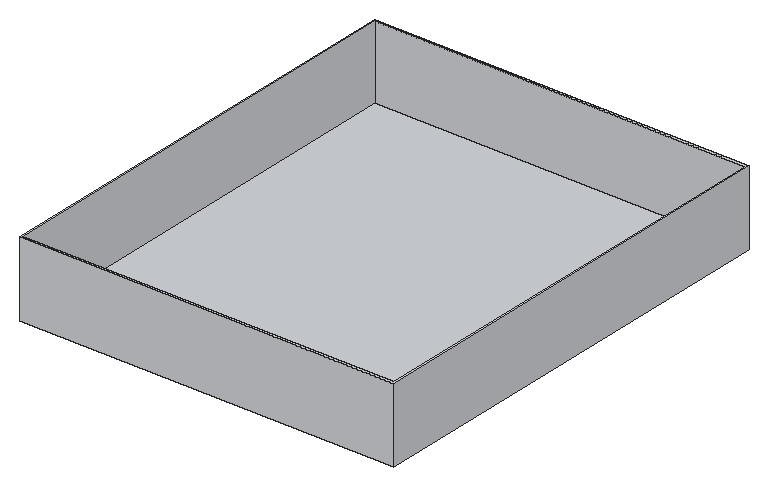
Revit family "Univers-IP30-leer-Aufputz-AT-de", category Electrical Equipment, host Face, Revit 2020
Family settings
  Host = Face
  Panel Configuration = Two Columns, Circuits Across
  Round Connector Dimension = Use Diameter
  Part Type = Panelboard
  Cut with Voids When Loaded = No
  Shared = No
  Room Calculation Point = No
Parameters (values of type "Aufputz IP30 B800 H950 T160 0 Teilungseinheiten - FWQ63D1")
  Width Control [instance] = if([HG000006 - Unterputz], if([EF000846 - Einbaubreite] > min_whd, [EF000846 - Einbaubreite], min_whd), if([EF000008 - Breite] > min_whd, ([EF000008 - Breite]), min_whd))  # 800 mm
  Void Depth [instance] = if([HG000006 - Unterputz], Depth Control, 1 mm)  # 1 mm
  Type Comments = [HG000003 - Bereich]  # "Univers"
  System Height [instance] = Height Control - 2 * [HG000005 - Dicke]  # 944 mm
  Model = [HG000004 - Herstellerreferenz]  # "FWQ63D1"
  HG000011 - Leere Reihen von unten = no
  HG000010 - Asymmetrische Türen = no
  HG000009 - Doppelflügeligen Tür = no
  HG000008 - Anzahl der leeren Reihen = 0
  HG000007 - Anzahl der leeren Spalten = 0
  HG000006 - Unterputz = no
  HG000005 - Dicke = 3 mm  # constant formula
  HG000004 - Herstellerreferenz = "FWQ63D1"
  HG000003 - Bereich = "Univers"
  HG000002 - Mit tür = no
  HG000001 - Anzahl der Spalten = 0
  EF015941 - Signaldurchlassende Tür = no
  EF015777 - Neutralleiterklemmenblock = no
  EF015776 - Erdungsklemmenblock = no
  EF009212 - Ausführung Deckel = "EV009916 - mit Ausschnitt"
  EF006306 - Mit Schloss = no
  EF006244 - Transparenter Deckel/Tür = no
  EF005474 - Schutzart (IP) = "EV006410 - IP30"
  EF004462 - Art der Schließung = "EV000154 - sonstige"
  EF002950 - Breite in Teilungseinheiten = 0
  EF001596 - Werkstoff des Gehäuses = "EV000179 - Stahl"
  EF001134 - DIN-Schiene = no
  EF001131 - Innentiefe = 160 mm
  EF001088 - Anbaumöglichkeit = no
  EF001062 - EMV-Ausführung = no
  EF000846 - Einbaubreite = 800 mm
  EF000339 - Art der Abdeckung = "EV000494 - ohne"
  EF000332 - Einbauhöhe = 950 mm
  EF000266 - Anzahl der Reihen = 0
  EF000218 - Einbautiefe = 160 mm
  EF000118 - Mit Montageplatte = yes
  EF000116 - RAL-Nummer = "9010"
  EF000049 - Tiefe = 160 mm
  EF000040 - Höhe = 950 mm
  EF000008 - Breite = 800 mm
  EF000007 - Farbe = "EV000202 - weiß"
  EF000003 - Montageart = "EV001247 - Aufputz/Unterputz"
  Arrow Offset [instance] = Depth Control / 8  # 20 mm
  Arrow Height [instance] = Depth Control - Arrow Offset  # 140 mm
  Host Offset [instance] = if([HG000006 - Unterputz], 0 mm, [EF000049 - Tiefe])  # 160 mm
  min_whd [instance] = (2 * [HG000005 - Dicke]) + 1 mm  # 7 mm
  Manufacturer = "Hager"  # constant formula
  Height Control [instance] = if([HG000006 - Unterputz], if([EF000332 - Einbauhöhe] > min_whd, [EF000332 - Einbauhöhe], min_whd), if([EF000040 - Höhe] > min_whd, ([EF000040 - Höhe]), min_whd))  # 950 mm
  Flush Mounted - Door Frame Width [instance] = if(([EF000040 - Höhe] - [EF000332 - Einbauhöhe]) > 0 mm, if([HG000006 - Unterputz], [EF000040 - Höhe] - [EF000332 - Einbauhöhe], 0 mm), 0 mm)  # 0 mm
  Tür rechts [instance] = yes
  Tür links [instance] = not(Tür rechts)  # no
  Türschwenkwinkel [instance] = 45.00°
  3D-Türsichtbarkeit [instance] = yes
  Depth Control [instance] = if([HG000006 - Unterputz], if([EF000218 - Einbautiefe] > 0 mm, [EF000218 - Einbautiefe], 1 mm), if([EF000049 - Tiefe] > 0 mm, ([EF000049 - Tiefe]), 1 mm))  # 160 mm
  Default Elevation = 0 mm
  Sichtbarkeit der Türöffnung [instance] = no
Types (20, lengths in mm): name | Width Control | System Height | Model | HG000004 - Herstellerreferenz | EF001131 - Innentiefe | EF000846 - Einbaubreite | EF000332 - Einbauhöhe | EF000218 - Einbautiefe | EF000118 - Mit Montageplatte | EF000049 - Tiefe | EF000040 - Höhe | EF000008 - Breite | Arrow Offset | Arrow Height | Host Offset | Height Control | Depth Control
  Aufputz IP30 B1050 H1100 T161 0 Teilungseinheiten - FWQ74D1 | 1050 | 1094 | "FWQ74D1" | "FWQ74D1" | 161 | 1050 | 1100 | 161 | yes | 161 | 1100 | 1050 | 20.125 | 140.875 | 161 | 1100 | 161
  Aufputz IP30 B1050 H650 T160 0 Teilungseinheiten - FWQ34D1 | 1050 | 644 | "FWQ34D1" | "FWQ34D1" | 160 | 1050 | 650 | 160 | yes | 160 | 650 | 1050 | 20 | 140 | 160 | 650 | 160
  Aufputz IP30 B1050 H650 T160 0 Teilungseinheiten - FWQ44D1 | 1050 | 644 | "FWQ44D1" | "FWQ44D1" | 160 | 1050 | 650 | 160 | yes | 160 | 650 | 1050 | 20 | 140 | 160 | 650 | 160
  Aufputz IP30 B1050 H800 T160 0 Teilungseinheiten - FWQ54D1 | 1050 | 794 | "FWQ54D1" | "FWQ54D1" | 160 | 1050 | 800 | 160 | yes | 160 | 800 | 1050 | 20 | 140 | 160 | 800 | 160
  Aufputz IP30 B1050 H950 T160 0 Teilungseinheiten - FWQ64D1 | 1050 | 944 | "FWQ64D1" | "FWQ64D1" | 160 | 1050 | 950 | 160 | yes | 160 | 950 | 1050 | 20 | 140 | 160 | 950 | 160
  Aufputz IP30 B300 H1100 T160 0 Teilungseinheiten - FWQ71D1 | 300 | 1094 | "FWQ71D1" | "FWQ71D1" | 160 | 300 | 1100 | 160 | yes | 160 | 1100 | 300 | 20 | 140 | 160 | 1100 | 160
  Aufputz IP30 B300 H500 T160 0 Teilungseinheiten - FWQ31D1 | 300 | 494 | "FWQ31D1" | "FWQ31D1" | 160 | 300 | 500 | 160 | yes | 160 | 500 | 300 | 20 | 140 | 160 | 500 | 160
  Aufputz IP30 B300 H650 T160 0 Teilungseinheiten - FWQ41D1 | 300 | 644 | "FWQ41D1" | "FWQ41D1" | 160 | 300 | 650 | 160 | yes | 160 | 650 | 300 | 20 | 140 | 160 | 650 | 160
  Aufputz IP30 B300 H800 T160 0 Teilungseinheiten - FWQ51D1 | 300 | 794 | "FWQ51D1" | "FWQ51D1" | 160 | 300 | 800 | 160 | yes | 160 | 800 | 300 | 20 | 140 | 160 | 800 | 160
  Aufputz IP30 B300 H950 T160 0 Teilungseinheiten - FWQ61D1 | 300 | 944 | "FWQ61D1" | "FWQ61D1" | 160 | 300 | 950 | 160 | yes | 160 | 950 | 300 | 20 | 140 | 160 | 950 | 160
  Aufputz IP30 B550 H1100 T160 0 Teilungseinheiten - FWQ72D1 | 550 | 1094 | "FWQ72D1" | "FWQ72D1" | 160 | 550 | 1100 | 160 | yes | 160 | 1100 | 550 | 20 | 140 | 160 | 1100 | 160
  Aufputz IP30 B550 H500 T160 0 Teilungseinheiten - FWQ32D1 | 550 | 494 | "FWQ32D1" | "FWQ32D1" | 160 | 550 | 500 | 160 | yes | 160 | 500 | 550 | 20 | 140 | 160 | 500 | 160
  Aufputz IP30 B550 H650 T160 0 Teilungseinheiten - FWQ42D1 | 550 | 644 | "FWQ42D1" | "FWQ42D1" | 160 | 550 | 650 | 160 | yes | 160 | 650 | 550 | 20 | 140 | 160 | 650 | 160
  Aufputz IP30 B550 H800 T160 0 Teilungseinheiten - FWQ52D1 | 550 | 794 | "FWQ52D1" | "FWQ52D1" | 160 | 550 | 800 | 160 | yes | 160 | 800 | 550 | 20 | 140 | 160 | 800 | 160
  Aufputz IP30 B550 H950 T160 0 Teilungseinheiten - FWQ62D1 | 550 | 944 | "FWQ62D1" | "FWQ62D1" | 160 | 550 | 950 | 160 | yes | 160 | 950 | 550 | 20 | 140 | 160 | 950 | 160
  Aufputz IP30 B800 H1100 T161 0 Teilungseinheiten - FWQ73D1 | 800 | 1094 | "FWQ73D1" | "FWQ73D1" | 161 | 800 | 1100 | 161 | yes | 161 | 1100 | 800 | 20.125 | 140.875 | 161 | 1100 | 161
  Aufputz IP30 B800 H500 T160 0 Teilungseinheiten - FWQ33D1 | 800 | 494 | "FWQ33D1" | "FWQ33D1" | 156 | 800 | 500 | 160 | no | 160 | 500 | 800 | 20 | 140 | 160 | 500 | 160
  Aufputz IP30 B800 H650 T160 0 Teilungseinheiten - FWQ43D1 | 800 | 644 | "FWQ43D1" | "FWQ43D1" | 160 | 800 | 650 | 160 | yes | 160 | 650 | 800 | 20 | 140 | 160 | 650 | 160
  Aufputz IP30 B800 H800 T160 0 Teilungseinheiten - FWQ53D1 | 800 | 794 | "FWQ53D1" | "FWQ53D1" | 160 | 800 | 800 | 160 | yes | 160 | 800 | 800 | 20 | 140 | 160 | 800 | 160
  Aufputz IP30 B800 H950 T160 0 Teilungseinheiten - FWQ63D1 | 800 | 944 | "FWQ63D1" | "FWQ63D1" | 160 | 800 | 950 | 160 | yes | 160 | 950 | 800 | 20 | 140 | 160 | 950 | 160
Reference planes
  plane 1 "Center (Front/Back)": y = 0
  plane 2: z = 0
  plane 3 "Center (Left/Right)": x = 0
  plane 4: z = 160
  plane 5: y = 3
  plane 6: z = 155
  plane 7: y = 475
  plane 8: y = 0
  plane 9: y = 950
  plane 10: z = 0
  plane 11: x = -400
  plane 12: x = 400
  plane 13: x = 397
  plane 14: x = -397
  plane 15: y = 947
  plane 16: z = 3
  plane 17: z = 157
  plane 18: z = -1
  plane 19: z = 157
Forms (mm)
  Extrusion 1, solid
    sketch origin (-583.045, 0, 1219.2) x (-1, 0, 0) y (0, 0, 1)
      loop
        line (-183.045, -1059.2) -> (-983.045, -1059.2) -> (-983.045, -1219.2) -> (-183.045, -1219.2) -> (-183.045, -1059.2)
    from 0 to 950 <- "Height Control"
  Extrusion 2, void
    sketch origin (-381.607, -4572, 160) x (0, -1, 0) y (-1, 0, 0)
      loop
        line (-5519, 15.393) -> (-5519, -778.607) -> (-4575, -778.607) -> (-4575, 15.393) -> (-5519, 15.393)
    from 0 to 157
  Extrusion 3, void
    sketch origin (0, 0, 0) x (1, 0, 0) y (0, 1, 0)
      loop
        line (-400, 0) -> (400, 0) -> (400, 950) -> (-400, 950) -> (-400, 0)
    from -1 to 1
  Extrusion 4, solid, detail levels coarse
    sketch origin (-381.607, -4572, 160) x (-1, 0, 0) y (0, -1, 0)
      loop
        line (15.393, -5519) -> (15.393, -4575) -> (-778.607, -4575) -> (-778.607, -5519) -> (15.393, -5519)
    from 0 to -3
Cuts and joins
  Extrusion 2 cuts Extrusion 1
Dimensions and locks
  plane 4 to plane 6 = 5 mm
  "Host Offset": plane 4 to host face
  "Flush Mounted - Door Frame Width": plane 1 "Center (Front/Back)" to plane 8
  "HG000005 - Dicke": plane 5 to plane 8
  locked: connector elem to plane 3 "Center (Left/Right)"
  "Height Control": plane 9 to plane 8
  equal spacing: plane 9, plane 7, plane 8
  locked: connector elem to plane 7
  "Depth Control": plane 4 to plane 10
  "HG000005 - Dicke": plane 11 to plane 14
  "HG000005 - Dicke": plane 12 to plane 13
  equal spacing: plane 11, plane 3 "Center (Left/Right)", plane 12
  "Width Control": plane 11 to plane 12
  "Arrow Offset": nested 4 to plane 10
  "HG000005 - Dicke": plane 9 to plane 15
  "HG000005 - Dicke": plane 16 to plane 10
  "HG000005 - Dicke": plane 4 to plane 17
  "Void Depth": plane 2 to plane 18
  "HG000005 - Dicke": plane 4 to plane 19
  aligned and locked: plane 2 to host face
  aligned and locked: level to host face
  aligned and locked: plane 3 "Center (Left/Right)" to nested 2
  aligned and locked: nested 2 to plane 4
  aligned and locked: nested 2 to plane 8
  aligned and locked: nested 1 to plane 6
  aligned and locked: nested 1 to plane 5
  aligned and locked: nested 4 to plane 11
  aligned and locked: nested 3 to plane 4
  aligned and locked: Extrusion 1 sketch curve to plane 12
  aligned and locked: Extrusion 1 sketch curve to plane 11
  aligned and locked: nested 3 to plane 10
  aligned and locked: plane 10 to Extrusion 1 sketch curve
  aligned and locked: Extrusion 2 sketch curve to plane 5
  aligned and locked: Extrusion 2 sketch curve to plane 15
  aligned and locked: Extrusion 2 sketch curve to plane 14
  aligned and locked: Extrusion 2 sketch curve to plane 13
  aligned and locked: plane 11 to Extrusion 3 sketch curve
  aligned and locked: plane 9 to Extrusion 3 sketch curve
  aligned and locked: Extrusion 3 sketch curve to plane 8
  aligned and locked: plane 12 to Extrusion 3 sketch curve
  aligned and locked: nested 3 to plane 12
  aligned and locked: Extrusion 3 to plane 18
  aligned and locked: Extrusion 2 to plane 16
  aligned and locked: Extrusion 1 sketch curve to plane 4
  aligned and locked: Extrusion 4 to plane 17
  aligned and locked: Extrusion 4 sketch curve to plane 15
  aligned and locked: Extrusion 4 sketch curve to plane 13
  aligned and locked: Extrusion 4 sketch curve to plane 14
  aligned and locked: Extrusion 4 sketch curve to plane 5
Automatic sketch dimensions
  host sketch curve to host sketch curve = 1469.727 mm
  host sketch curve to host sketch curve = 1318.837 mm
Nested families
  nested 1: "Hager_Enclosure_System" at (0, 3, 155) x (1, 0, 0) z (0, 1, 0), Depth <- "HG000005 - Dicke", Height <- "System Height", Width <- "EF000008 - Breite", Border <- "HG000005 - Dicke", Flush_Mounted <- "HG000006 - Unterputz", Built-in_Width <- "EF000846 - Einbaubreite", Row_Module_Multiplicator <- "EF002950 - Breite in Teilungseinheiten", Total_No_Empty_Rows <- "HG000008 - Anzahl der leeren Reihen", Total_No_Rows <- "EF000266 - Anzahl der Reihen", Empty_Columns <- "HG000007 - Anzahl der leeren Spalten", No_Rows <- "EF000266 - Anzahl der Reihen", No_Columns <- "HG000001 - Anzahl der Spalten", Width_Control <- "Width Control", Empty_Rows_From_Bottom <- "HG000011 - Leere Reihen von unten", type "Hager_Enclosure_System", detail levels medium+fine
    with Width_Control 800 mm, Width 800 mm, Total_No_Rows 0, Total_No_Empty_Rows 0, Total_No_Columns 1, System_Width 794 mm, Rows_Column 0, Row_Module_Multiplicator 0, Panel_4 no, Panel_3 no, Panel_2 no, Panel_1 no, No_Rows 0, No_Panels_Ctrl 1, No_Columns 0, Hide_Columns yes, Height 944 mm, Flush_Mounted no, Empty_Rows_From_Bottom no, Empty_Rows_Column 0, Empty_Columns 0, Depth 3 mm, Column_Width 794 mm, Built-in_Width 800 mm, Border 3 mm
  nested 2: "Hager_Enclosure_Door" at (0, 0, 160) x (1, 0, 0) z (0, 1, 0), Border <- "HG000005 - Dicke", Door_Right <- "Tür rechts", Flush_Mounted <- "HG000006 - Unterputz", Depth <- "EF000049 - Tiefe", Width <- "EF000008 - Breite", Door_Left <- "Tür links", 3d_Door <- "3D-Türsichtbarkeit", BuiltIn_Width <- "EF000846 - Einbaubreite", BuiltIn_Height <- "EF000332 - Einbauhöhe", BuiltIn_Depth <- "EF000218 - Einbautiefe", Angle <- "Türschwenkwinkel", Assymetrical <- "HG000010 - Asymmetrische Türen", Double <- "HG000009 - Doppelflügeligen Tür", Clearance <- "Sichtbarkeit der Türöffnung", Transparent <- "EF006244 - Transparenter Deckel/Tür", Door <- "HG000002 - Mit tür", Height_Ctrl <- "Height Control", Width_Ctrl <- "Width Control", Height <- "EF000040 - Höhe", type "Hager_Enclosure_Door", detail levels medium+fine
    with min_wh 7 mm, Width_Ctrl 800 mm, Width 800 mm, Transparent no, Leaf_Width 791 mm, Leaf_Tolerance 1.5 mm, Leaf_Height 941 mm, Leaf_2_Width 791 mm, Leaf_2_Offset 395.5 mm, Leaf_1_Width 791 mm, Leaf_1_Offset 395.5 mm, Height_Ctrl 950 mm, Height 950 mm, Frame_Width_Ctrl 1 mm, Frame_Width 0 mm, Frame_Internal_Offset 0 mm, Frame_Height_Ctrl 1 mm, Frame_Height 0 mm, Frame_Depth_Ctrl 1 mm, Frame_Depth 0 mm, Flush_Mounted no, Double_Clearance_Ctrl no, Double no, Door_Right_Ctrl no, Door_Right yes, Door_Left_Ctrl no, Door_Left no, Door no, Depth 160 mm, Clearance_Depth 791 mm, Clearance_Ctrl no, Clearance no, BuiltIn_Width 800 mm, BuiltIn_Height 950 mm, BuiltIn_Depth 160 mm, Border 3 mm, Assymetrical no, Angle 45.00°, 3d_Door yes
  nested 3: "Hager_Enclosure_Symbol_Triangle" at (-400, 0, 0) x (1, 0, 0) z (0, -1, 0), Depth <- "Depth Control", Width <- "Width Control", type "Hager_Enclosure_Symbol_Triangle"
    with Width_Ctrl 800 mm, Width 800 mm, Depth_Ctrl 160 mm, Depth 160 mm
  nested 4: "Hager_Enclosure_Symbol_Arrow" at (-400, 0, 20) x (1, 0, 0) z (0, -1, 0), Height <- "Arrow Height", type "Hager_Enclosure_Symbol_Arrow"
    with Width_Inside 10.5 mm, Width 126 mm, Height_Ctrl 140 mm, Height 140 mm
Connectors
  electrical at (0, 475, 0)
    settings: on plane 10, index 1, voltage 0 V, apparent load 0 VA, apparent load phase1 0 VA, apparent load phase2 0 VA, apparent load phase3 0 VA, power factor 1, load classification "Other", number of poles 1, system type 30, power factor state 1, is connector primary yes, connector utility no, sub classification motor no, connector description ""
Definition of nested family "Hager_Enclosure_Door"
  Parameters (values of type "Hager_Enclosure_Door")
    min_wh [instance] = (2 * Border) + 1 mm  # 11 mm
    Width_Ctrl [instance] = 400 mm
    Width [instance] = 500 mm
    Transparent [instance] = yes
    Leaf_Width [instance] = if((Width_Ctrl - 2 * Border - 2 * Leaf_Tolerance) > 0 mm, (Width_Ctrl - 2 * Border - 2 * Leaf_Tolerance), min_wh)  # 387 mm
    Leaf_Tolerance [instance] = 1.5 mm  # constant formula
    Leaf_Height [instance] = if((Height_Ctrl - 2 * Border - 2 * Leaf_Tolerance) > 0 mm, (Height_Ctrl - 2 * Border - 2 * Leaf_Tolerance), min_wh)  # 387 mm
    Leaf_2_Width [instance] = if(and(and(Double, Assymetrical), Door_Left), (Leaf_Width / 3) - (Leaf_Tolerance / 2), if(and(and(Double, Assymetrical), Door_Right), (Leaf_Width / 3) * 2 - (Leaf_Tolerance / 2), if(and(Double, not(Assymetrical)), (Leaf_Width / 2) - Leaf_Tolerance, Leaf_Width)))  # 192 mm
    Leaf_2_Offset [instance] = if(and(Double, Assymetrical), Leaf_2_Width / 2, if(and(Double, not(Assymetrical)), Leaf_Width / 4, Leaf_Width / 2))  # 96.75 mm
    Leaf_1_Width [instance] = if(and(and(Double, Assymetrical), Door_Right), (Leaf_Width / 3) - (Leaf_Tolerance / 2), if(and(and(Double, Assymetrical), Door_Left), (Width / 3) * 2 - (Leaf_Tolerance / 2), if(and(Double, not(Assymetrical)), (Leaf_Width / 2) - Leaf_Tolerance, Leaf_Width)))  # 192 mm
    Leaf_1_Offset [instance] = if(and(Double, Assymetrical), Leaf_1_Width / 2, if(and(Double, not(Assymetrical)), Leaf_Width / 4, Leaf_Width / 2))  # 96.75 mm
    Height_Ctrl [instance] = 400 mm
    Height [instance] = 500 mm
    Frame_Width_Ctrl [instance] = if(Frame_Width > 0 mm, Frame_Width, 1 mm)  # 1 mm
    Frame_Width [instance] = Width - BuiltIn_Width  # 0 mm
    Frame_Internal_Offset [instance] = if(Flush_Mounted, Border, 0 mm)  # 0 mm
    Frame_Height_Ctrl [instance] = if(Frame_Height > 0 mm, Frame_Height, 1 mm)  # 1 mm
    Frame_Height [instance] = Height - BuiltIn_Height  # 0 mm
    Frame_Depth_Ctrl [instance] = if(Frame_Depth > 0 mm, Frame_Depth, 1 mm)  # 1 mm
    Frame_Depth [instance] = if(Depth - BuiltIn_Depth > 0 mm, if(Flush_Mounted, Depth - BuiltIn_Depth, 0 mm), 0 mm)  # 0 mm
    Flush_Mounted [instance] = no
    Double_Clearance_Ctrl [instance] = and(Double, Clearance)  # yes
    Double [instance] = yes
    Door_Right_Ctrl [instance] = and(or(Door_Right, Double), Door)  # yes
    Door_Right [instance] = yes
    Door_Left_Ctrl [instance] = and(or(Door_Left, Double), Door)  # yes
    Door_Left [instance] = no
    Door [instance] = yes
    Depth [instance] = 500 mm
    Default Elevation = 1219.2 mm
    Clearance_Material = none
    Clearance_Depth [instance] = if(Leaf_1_Width > Leaf_2_Width, Leaf_1_Width, Leaf_2_Width)  # 192 mm
    Clearance_Ctrl [instance] = and(not(Double), Clearance)  # no
    Clearance [instance] = yes
    BuiltIn_Width [instance] = 500 mm
    BuiltIn_Height [instance] = 500 mm
    BuiltIn_Depth [instance] = 500 mm
    Border [instance] = 5 mm
    Assymetrical [instance] = no
    Angle [instance] = 65.00°
    3d_Door [instance] = yes
  Reference planes
    plane 1 "Center (Front/Back)": y = 0
    plane 2 "Bottom": z = 0
    plane 3 "Center (Left/Right)": x = 0
    plane 4: z = 400
    plane 5: x = -200
    plane 6: x = 200
    plane 7: z = 395
    plane 8: x = -195
    plane 9: z = 5
    plane 10: x = 195
    plane 11: y = 0
    plane 12: z = 6.5
    plane 13: x = -387
    plane 14: y = -192
    plane 15: x = 387
    plane 16: x = -96.75
    plane 17: x = 96.75
    plane 18: x = -193.5
    plane 19: x = 193.5
    plane 20: z = 393.5
  Forms (mm)
    Extrusion 1, solid, visible <- "Flush_Mounted"
      sketch origin (0, 0, 0) x (1, 0, 0) y (0, 0, 1)
        loop
          line (200, 0) -> (200, 400) -> (-200, 400) -> (-200, 0) -> (200, 0)
        loop
          line (-201, 401) -> (-201, -1) -> (201, -1) -> (201, 401) -> (-201, 401)
      from 0 to 1 <- "Frame_Depth_Ctrl"
    Extrusion 2, solid, material <- "Clearance_Material", visible <- "Double_Clearance_Ctrl"
      sketch origin (1200, 0, 0) x (1, 0, 0) y (0, 0, -1)
        loop
          line (-1587, -393.5) -> (-813, -393.5) -> (-813, 0) -> (-1587, 0) -> (-1587, -393.5)
      from 0 to -192
  Dimensions and locks
    equal spacing: plane 5, plane 3 "Center (Left/Right)", plane 6
    "Width_Ctrl": plane 5 to plane 6
    "Border": plane 5 to plane 8
    "Border": plane 6 to plane 10
    "Border": plane 9 to level
    "Border": plane 4 to plane 7
    "Height_Ctrl": plane 4 to level
    "Leaf_Tolerance": plane 12 to plane 9
    "Frame_Depth": plane 11 to plane 1 "Center (Front/Back)"
    "Frame_Width_Ctrl": plane 5 to Extrusion 1 sketch curve
    "Frame_Width_Ctrl": plane 6 to Extrusion 1 sketch curve
    "Frame_Width_Ctrl": Extrusion 1 sketch curve to plane 4
    "Frame_Width_Ctrl": plane 2 "Bottom" to Extrusion 1 sketch curve
    "Leaf_1_Offset": plane 18 to plane 16
    "Leaf_2_Offset": plane 17 to plane 19
    "Leaf_1_Width": plane 13 to plane 8
    "Leaf_2_Width": plane 10 to plane 15
    "Clearance_Depth": plane 14 to plane 1 "Center (Front/Back)"
    "Leaf_Tolerance": plane 8 to plane 18
    "Leaf_Tolerance": plane 19 to plane 10
    "Leaf_Tolerance": plane 7 to plane 20
    "Frame_Internal_Offset": plane 5 to Extrusion 1 sketch curve
    "Frame_Internal_Offset": Extrusion 1 sketch curve to plane 2 "Bottom"
    "Frame_Internal_Offset": plane 6 to Extrusion 1 sketch curve
    "Frame_Internal_Offset": plane 4 to Extrusion 1 sketch curve
    aligned and locked: level to plane 2 "Bottom"
    aligned and locked: nested 1 to plane 16
    aligned and locked: nested 2 to plane 17
    aligned and locked: Extrusion 2 to plane 13
    aligned and locked: plane 15 to Extrusion 2
    aligned and locked: Extrusion 2 to plane 14
    aligned and locked: plane 12 to nested 1
    aligned and locked: nested 2 to plane 12
    aligned and locked: Extrusion 2 to plane 11
    aligned and locked: plane 20 to Extrusion 2
    aligned and locked: nested 2 to plane 11
    aligned and locked: nested 1 to plane 11
  Automatic sketch dimensions
    Extrusion 2 sketch curve to level = 0 mm
    plane 5 to Extrusion 2 sketch curve = 187 mm
    plane 6 to Extrusion 2 sketch curve = 187 mm
    Extrusion 2 sketch curve to plane 4 = 6.5 mm
  Nested families
    nested 1: "Hager_Enclosure_Door_Leaf" at (-96.75, 0, 6.5), Width <- "Leaf_1_Width", visible <- "Door_Left_Ctrl", Leaf_Height <- "Leaf_Height", Angle <- "Angle", Depth <- "Border", 3d_Door <- "3d_Door", Transparent <- "Transparent", Clearance Material <- "Clearance_Material", Clearance <- "Clearance_Ctrl", type "Hager_Enclosure_Door_Leaf"
      with Width 192 mm, Transparent_Door_Border 25 mm, Transparent_Ctrl yes, Transparent yes, Standard no, Leaf_Height 387 mm, Glass_Offset 1 mm, Depth 5 mm, Clearance Material none, Clearance no, Angle_Ctrl 65.00°, Angle 65.00°, 3d_Door yes
    nested 2: "Hager_Enclosure_Door_Leaf" at (96.75, 0, 6.5) x (-1, 0, 0) z (0, 0, 1), Width <- "Leaf_2_Width", visible <- "Door_Right_Ctrl", Leaf_Height <- "Leaf_Height", Angle <- "Angle", Depth <- "Border", 3d_Door <- "3d_Door", Transparent <- "Transparent", Clearance Material <- "Clearance_Material", Clearance <- "Clearance_Ctrl", type "Hager_Enclosure_Door_Leaf"
      with Width 192 mm, Transparent_Door_Border 25 mm, Transparent_Ctrl yes, Transparent yes, Standard no, Leaf_Height 387 mm, Glass_Offset 1 mm, Depth 5 mm, Clearance Material none, Clearance no, Angle_Ctrl 65.00°, Angle 65.00°, 3d_Door yes
  Definition of nested family "Hager_Enclosure_Door_Leaf"
    Parameters (values of type "Hager_Enclosure_Door_Leaf")
      Width [instance] = 200 mm
      Transparent_Door_Border [instance] = 25 mm  # constant formula
      Transparent_Ctrl [instance] = and(Transparent, [3d_Door])  # yes
      Transparent [instance] = yes
      Standard [instance] = and(not(Transparent), [3d_Door])  # no
      Leaf_Height [instance] = 500 mm
      Glass_Offset [instance] = if((Depth - 10 mm) / 2 > 0 mm, (Depth - 10 mm) / 2, 1 mm)  # 1 mm
      Glass_Material = none
      Depth [instance] = 3 mm
      Default Elevation = 0 mm
      Clearance Material [instance] = none
      Clearance [instance] = no
      Angle_Ctrl [instance] = if(Angle > 170.00°, 170.00°, Angle)  # 163.00°
      Angle [instance] = 163.00°
      3d_Door [instance] = yes
    Reference planes
      plane 1 "Center (Front/Back)": y = 0
      plane 2: z = 0
      plane 3 "Center (Left/Right)": x = 0
      plane 4: y = 200
      plane 5: x = -100
      plane 6: x = 100
      plane 7: x = -300
      plane 8: z = 500
      plane 9: z = 25
      plane 10: z = 475
      plane 11: x = 75
      plane 12: x = -75
    Forms (mm)
      Extrusion 1, solid, material <- "Clearance Material", visible <- "Clearance"
        sketch origin (0, 0, 0) x (1, 0, 0) y (0, 0, 1)
          loop
            line (-300, 500) -> (-300, 0) -> (100, 0) -> (100, 500) -> (-300, 500)
        from 0 to -200
      Extrusion 2, solid, visible <- "Standard", detail levels fine
        sketch origin (-100, 0, 0) x (-0.956305, 0.292372, 0) y (-0.292372, -0.956305, 0)
          loop
            line (0, -3) -> (200, -3) -> (200, 0) -> (0, 0) -> (0, -3)
        from 0 to 500 <- "Leaf_Height"
      Extrusion 3, solid, visible <- "Transparent_Ctrl", detail levels fine
        sketch origin (-100, 0, 0) x (-0.956305, 0.292372, 0) y (-0.292372, -0.956305, 0)
          loop
            line (0, -3) -> (200, -3) -> (200, 0) -> (0, 0) -> (0, -3)
        from 0 to 500 <- "Leaf_Height"
      Extrusion 4, void, detail levels fine
        sketch origin (-100, 0, 0) x (-0.292372, -0.956305, 0) y (-0.956305, 0.292372, 0)
          loop
            line (0, 25) -> (0, 175) -> (-3, 175) -> (-3, 25) -> (0, 25)
        from -475 to -25
      Extrusion 5, solid, material <- "Glass_Material", visible <- "Transparent_Ctrl", detail levels fine
        sketch origin (-100, 0, 0) x (-0.956305, 0.292372, 0) y (-0.292372, -0.956305, 0)
          loop
            line (25, -1) -> (25, -2) -> (175, -2) -> (175, -1) -> (25, -1)
        from 25 to 475
    Cuts and joins
      Extrusion 4 cuts Extrusion 3
    Lines and regions (mm)
      symbolic lines
        curve 1: line (100, 0, 0) -> (-300, 0, 0)
        curve 2: arc (100, 0, 0) -> (-100, 200, 0) -> (-300, 0, 0) r 200
        curve 4: line (-100, 0, 0) -> (-291.261, 58.474, 0)
      reference lines
        curve 3: line (-100, 0, 0) -> (-291.261, 58.474, 0)
      symbolic lines, detail levels medium+fine
        curve 5: line (-291.261, 58.474, 0) -> (-290.384, 61.343, 0)
        curve 6: line (-290.384, 61.343, 0) -> (-99.123, 2.869, 0)
        curve 7: line (-99.123, 2.869, 0) -> (-100, 0, 0)
      symbolic lines, detail levels fine
        curve 8: line (-100, 0, 500) -> (100, 0, 500)
        curve 9: line (-100, 0, 0) -> (-100, 0, 500)
        curve 10: line (100, 0, 0) -> (-100, 0, 0)
        curve 11: line (100, 0, 500) -> (100, 0, 0)
      symbolic lines, visible <- "Transparent_Ctrl", detail levels fine
        curve 12: line (-75, 0, 475) -> (75, 0, 475)
        curve 13: line (-75, 0, 25) -> (-75, 0, 475)
        curve 14: line (75, 0, 25) -> (-75, 0, 25)
        curve 15: line (75, 0, 475) -> (75, 0, 25)
    Dimensions and locks
      "Width": plane 1 "Center (Front/Back)" to plane 4
      equal spacing: plane 5, plane 3 "Center (Left/Right)", plane 6
      "Width": plane 5 to plane 6
      "Width": plane 7 to plane 5
      "Leaf_Height": plane 8 to level
      "Depth": curve 6 to curve 3
      "Width": curve 5 to curve 3
      "Width": curve 3 to curve 3
      "Transparent_Door_Border": Extrusion 4 sketch curve to curve 7
      "Transparent_Door_Border": Extrusion 4 sketch curve to curve 5
      "Transparent_Door_Border": plane 8 to plane 10
      "Transparent_Door_Border": plane 9 to level
      "Glass_Offset": Extrusion 5 sketch curve to curve 4
      "Glass_Offset": Extrusion 5 sketch curve to curve 6
      "Transparent_Door_Border": Extrusion 5 sketch curve to curve 5
      "Transparent_Door_Border": Extrusion 5 sketch curve to curve 7
      "Transparent_Door_Border": plane 12 to plane 5
      "Transparent_Door_Border": plane 6 to plane 11
      "Angle_Ctrl": angle plane 1 "Center (Front/Back)" to curve 3
      aligned and locked: level to plane 2
      aligned and locked: Extrusion 1 to curve 1
      aligned and locked: plane 6 to Extrusion 1
      aligned and locked: plane 1 "Center (Front/Back)" to Extrusion 1
      aligned and locked: plane 4 to Extrusion 1
      aligned and locked: plane 8 to Extrusion 1
      aligned and locked: curve 4 to curve 3
      aligned and locked: Extrusion 2 sketch curve to curve 7
      aligned and locked: Extrusion 2 sketch curve to curve 6
      aligned and locked: Extrusion 2 sketch curve to curve 5
      aligned and locked: Extrusion 2 sketch curve to curve 3
      aligned and locked: curve 7 to Extrusion 3 sketch curve
      aligned and locked: Extrusion 3 sketch curve to curve 4
      aligned and locked: Extrusion 3 sketch curve to curve 6
      aligned and locked: Extrusion 3 sketch curve to curve 5
      aligned and locked: curve 4 to Extrusion 4 sketch curve
      aligned and locked: curve 6 to Extrusion 4 sketch curve
      aligned and locked: Extrusion 4 to plane 9
      aligned and locked: Extrusion 4 to plane 10
      aligned and locked: Extrusion 5 to plane 9
      aligned and locked: Extrusion 5 to plane 10
      aligned and locked: curve 8 to plane 8
      aligned and locked: plane 5 to curve 9
      aligned and locked: plane 2 to curve 10
      aligned and locked: curve 11 to plane 6
      aligned and locked: plane 10 to curve 12
      aligned and locked: plane 12 to curve 13
      aligned and locked: plane 9 to curve 14
      aligned and locked: plane 11 to curve 15
    Automatic sketch dimensions
      plane 1 "Center (Front/Back)" to curve 2 = 0 mm
      curve 2 to plane 5 = 0 mm
      Extrusion 1 sketch curve to level = 0 mm
      Extrusion 1 sketch curve to plane 7 = 0 mm
      Extrusion 1 sketch curve to plane 6 = 0 mm
      Extrusion 1 sketch curve to plane 8 = 0 mm
      plane 1 "Center (Front/Back)" to curve 3 = 0 mm
      curve 3 to plane 5 = 0 mm
      curve 7 to curve 3 = 0 mm
Definition of nested family "Hager_Enclosure_Symbol_Triangle"
  Parameters (values of type "Hager_Enclosure_Symbol_Triangle")
    Width_Ctrl [instance] = if(Width > 1 mm, Width, 1 mm)  # 498 mm
    Width [instance] = 498 mm
    Depth_Ctrl [instance] = if(Depth > 1 mm, Depth, 1 mm)  # 72 mm
    Depth [instance] = 72 mm
  Reference planes
    plane 1 "Centre (avant/arrière)": y = 0
    plane 2: z = 0
    plane 3 "Centre (gauche/droite)": x = 0
  Lines and regions (mm)
    Filled region 1, type "Solid_Black", in view "Niveau de réf."
      outline origin (0, 0, 0) x (1, 0, 0) y (0, 1, 0)
        loop
          line (0, 0) -> (498, 0) -> (498, 72) -> (0, 0)
    reference lines, in view "Niveau de réf."
      curve 1: line (-206.153, 72, 0) -> (1083.258, 72, 0)
      curve 2: line (498, 405.456, 0) -> (498, -517.619, 0)
  Dimensions and locks
    "Depth_Ctrl": plane 1 "Centre (avant/arrière)" to curve 1
    "Width_Ctrl": plane 3 "Centre (gauche/droite)" to curve 2
    aligned and locked: curve 1 to Filled region 1 sketch curve
    aligned and locked: Filled region 1 sketch curve to plane 1 "Centre (avant/arrière)"
    aligned and locked: curve 2 to Filled region 1 sketch curve
    aligned and locked: plane 3 "Centre (gauche/droite)" to Filled region 1 sketch curve
    aligned and locked: plane 1 "Centre (avant/arrière)" to Filled region 1 sketch curve
  Automatic sketch dimensions
    curve 1 to plane 3 "Centre (gauche/droite)" = 206.153 mm
    curve 2 to curve 1 = 585.258 mm
    plane 1 "Centre (avant/arrière)" to curve 2 = 517.619 mm
    curve 2 to plane 1 "Centre (avant/arrière)" = 405.456 mm
Definition of nested family "Hager_Enclosure_Symbol_Arrow"
  Parameters (values of type "Hager_Enclosure_Symbol_Arrow")
    Width_Inside [instance] = if(Width / 12 > 2 mm, Width / 12, 2 mm)  # 4.987 mm
    Width [instance] = if(Height_Ctrl * 0.9 > 2 mm, Height_Ctrl * 0.9, 2 mm)  # 59.85 mm
    Height_Ctrl [instance] = if(Height > 2 mm, Height, 2 mm)  # 66.5 mm
    Height [instance] = 66.5 mm
  Reference planes
    plane 1 "Centre (avant/arrière)": y = 0
    plane 2: z = 0
    plane 3 "Centre (gauche/droite)": x = 0
    plane 4: x = 59.85
    plane 5: y = 28.263
    plane 6: y = 38.238
    plane 7: y = 66.5
    plane 8: x = 29.925
    plane 9: y = 33.25
  Lines and regions (mm)
    Filled region 1, type "Solid_Black", in view "Niveau de réf."
      outline origin (0, 0, 0) x (1, 0, 0) y (0, 1, 0)
        loop
          line (59.85, 66.5) -> (37.929, 52.827) -> (51.846, 41.935) -> (59.85, 66.5)
    detail lines, in view "Niveau de réf."
      curve 1: line (0, 0, 0) -> (29.925, 38.238, 0)
      curve 2: line (29.925, 38.238, 0) -> (29.925, 28.263, 0)
      curve 3: line (29.925, 28.263, 0) -> (59.85, 66.5, 0)
  Dimensions and locks
    "Width": plane 3 "Centre (gauche/droite)" to plane 4
    "Height_Ctrl": plane 7 to plane 1 "Centre (avant/arrière)"
    equal spacing: plane 3 "Centre (gauche/droite)", plane 8, plane 4
    equal spacing: plane 7, plane 9, plane 1 "Centre (avant/arrière)"
    equal spacing: plane 6, plane 9, plane 5
    "Width_Inside": plane 6 to plane 9
    equal spacing: curve 3, Filled region 1 sketch curve, Filled region 1 sketch curve
    angle Filled region 1 sketch curve to curve 3 = 20.00°
    angle curve 3 to Filled region 1 sketch curve = 20.00°
    locked: curve 3 to Filled region 1 sketch curve (angle 90.00°)
  Automatic sketch dimensions
    plane 1 "Centre (avant/arrière)" to curve 1 = 0 mm
    curve 1 to plane 3 "Centre (gauche/droite)" = 0 mm
    curve 2 to plane 6 = 0 mm
    curve 3 to plane 8 = 0 mm
    curve 3 to plane 4 = 0 mm
    curve 2 to plane 5 = 0 mm
    curve 3 to plane 7 = 0 mm
    Filled region 1 sketch curve to plane 4 = 0 mm
    Filled region 1 sketch curve to plane 7 = 0 mm
